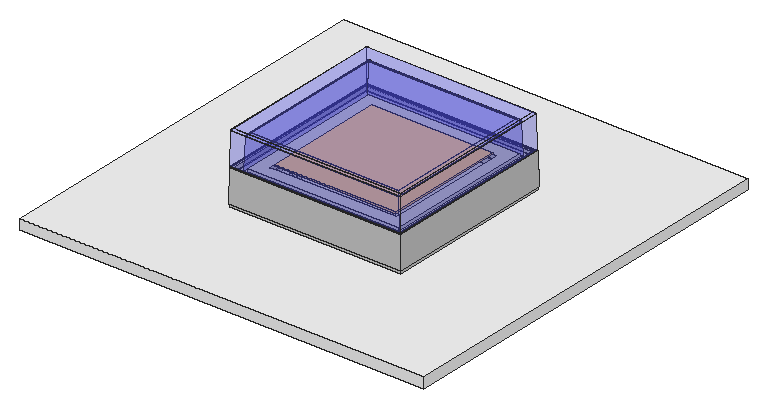
Revit family "BE_33601_de_DE", category Leuchten, Revit 2020
Family settings
  Basisbauteil = Fläche
  Bemaßung runder Anschluss = Durchmesser verwenden
  Teiletyp = Normal
  Beim Laden mit Abzugskörper schneiden = Ja
  Lichtquelle = Ja
  Gemeinsam genutzt = Nein
  Raumberechnungspunkt = Ja
Parameters (values of type "BEGA_33601_Silber_K4")
  built-in parameter 1150104 = 12.089 (stored number, unit not read)
  Wattage = 8.3 W
  Default Elevation = 0 mm
  built-in parameter 1150113 = 1 (stored number, unit not read)
  built-in parameter 1114218 = 1 (stored number, unit not read)
  Umgebungstemperatur = "25 °C"
  URL = "https://www.bega.com/de/produkt/33601"
  Typenkommentare = "© 2022 BEGA. Wir behalten uns das Recht vor, technische Änderungen ohne vorherige Ankündigung vorzunehmen."  # constant formula
  Type Image = 33601.png
  built-in parameter 1150134 = 12
  built-in parameter 1150109 = 1 (stored number, unit not read)
  Strom = ""
  built-in parameter 1150110 = 1 (stored number, unit not read)
  Spannung = 239.996 V
  Sonderanfertigung = no
  Seriennummer [instance] = "Hier können Sie die eindeutige Seriennummer für das Facility Management eintragen."
  Schutzklasse = "I"
  Schutzart = "IP 65"
  Scheinlast = 0 VA
  Produktdatenblatt = "https://cdn.bega.com/bega/products/33601K4/current/documents/data-sheets/de"
  Neigungswinkel = 0.00°
  Modell = "33601AK4"
  Material_19 = BEGA_Dummy_matt
  Material_15 = BEGA_Leuchtmedium_matt
  Material_11 = BEGA_Glas_opal
  Material_02 = BEGA_Oberfläche_Silber_matt
  Material_01 [instance] = BEGA_Oberfläche_Grafit_matt
  M_G = no
  M_A = yes
  Logo = 0
  built-in parameter 1114217 = 1 (stored number, unit not read)
  built-in parameter 1150139 = (empty or 0)
  built-in parameter 1150105 = 85.943 (stored number, unit not read)
  built-in parameter 1150114 = 1 (stored number, unit not read)
  Lumens = 1080 lm
  built-in parameter 1150115 = 1 (stored number, unit not read)
  Leuchtenlichtstrom = "656 lm"
  Leuchtenanzahl = ""
  Lebensdauerkriterien = "L70B50 @ 25 °C = 200000 h"
  Lastklassifizierung = Beleuchtung
  built-in parameter 1150112 = 1 (stored number, unit not read)
  Lampenlichtstrom = "1195 lm"
  Lampe = "LED 5.6 W"
  LED_Modulbezeichnung = "LED-0357/840"
  built-in parameter 1150142 = (empty or 0)
  Hersteller = "BEGA"  # constant formula
  Halbstreuwinkel = ""
  Gewicht = "1.85 kg"
  Frequenz = "0/50-60 Hz"
  Farbwiedergabeindex = "CRI > 80"
  Farbtemperaturverschiebung bei Dämpfen der Lampe = <Keine Auswahl>
  Farbtemperatur = "4000 K"
  Color Filter = 16777215
  built-in parameter 1150133 = 10 (stored number, unit not read)
  Energieeffizienzklasse = "LED A++ - A"
  built-in parameter 1150137 = (empty or 0)
  built-in parameter 1150132 = (empty or 0)
  Datei für fotometrisches Netz = "BE_33601K4.IES"
  CE_Konformität = "ja"
  Bestellnummer = "33601AK4"
  Beschreibung_Sonderanfertigung = "Hier können Sie Informationen zur Sonderanfertigung eintragen."
  Beschreibung = "Wandleuchte"
  built-in parameter 1150106 = 0.85943 (stored number, unit not read)
  Befestigungsbohrung = "Ø 6 mm"
  Befestigungsabstand = "140 mm"
  BEGA_Intern_aus = yes
  BEGA_Intern_an = yes
  BEGA_Intern_Konstruktion = yes
  BEGA_Intern = yes
  BEGA_IES = yes
  BEGA_Dummy = no
  Anschlussleistung [instance] = "6.7 W"
  Anschlusskasten = ""
  built-in parameter 1150107 = 4000 (stored number, unit not read)
  built-in parameter 1150102 = (empty or 0)
  built-in parameter 1150138 = (empty or 0)
  Aktualisierung = "2022-05-18T04:00:07"
  AC/DC = "AC/DC"
Types (4, lengths in mm): name | built-in parameter 1150104 | built-in parameter 1150134 | Modell | M_G | M_A | built-in parameter 1150105 | Lumens | Leuchtenlichtstrom | Lampenlichtstrom | LED_Modulbezeichnung | Farbtemperatur | Datei für fotometrisches Netz | Bestellnummer | built-in parameter 1150106 | built-in parameter 1150107
  BEGA_33601_Silber_K4 | 12.089 (stored number, unit not read) | 12 | "33601AK4" | no | yes | 85.943 (stored number, unit not read) | 1080 lm | "656 lm" | "1195 lm" | "LED-0357/840" | "4000 K" | "BE_33601K4.IES" | "33601AK4" | 0.85943 (stored number, unit not read) | 4000 (stored number, unit not read)
  BEGA_33601_Grafit_K3 | 11.417 (stored number, unit not read) | (empty or 0) | "33601K3" | yes | no | 81.168 (stored number, unit not read) | 1019.99 lm | "639 lm" | "1165 lm" | "LED-0357/830" | "3000 K" | "BE_33601K3.IES" | "33601K3" | 0.81168 (stored number, unit not read) | 3000 (stored number, unit not read)
  BEGA_33601_Silber_K3 | 11.417 (stored number, unit not read) | (empty or 0) | "33601AK3" | no | yes | 81.168 (stored number, unit not read) | 1019.99 lm | "639 lm" | "1165 lm" | "LED-0357/830" | "3000 K" | "BE_33601K3.IES" | "33601AK3" | 0.81168 (stored number, unit not read) | 3000 (stored number, unit not read)
  BEGA_33601_Grafit_K4 | 12.089 (stored number, unit not read) | 12 | "33601K4" | yes | no | 85.943 (stored number, unit not read) | 1080 lm | "656 lm" | "1195 lm" | "LED-0357/840" | "4000 K" | "BE_33601K4.IES" | "33601K4" | 0.85943 (stored number, unit not read) | 4000 (stored number, unit not read)
Reference planes
  plane 1 "Mitte (Vorne/Hinten)": y = 0
  plane 2: z = 0
  plane 3 "Mitte (Links/Rechts)": x = 0
  plane 4 "Links": x = -85
  plane 5 "Rechts": x = 85
  plane 6 "Unten": y = -85
  plane 7 "Oben": y = 84.951
  plane 8 "Vorne": z = 69.341
Forms (mm)
  Extrusion 1, solid, material "BEGA_Platte_Weiss"
    sketch origin (0, -1119.2, 0) x (1, 0, 0) y (0, 1, 0)
      loop
        line (-200, 1319.2) -> (-200, 919.2) -> (200, 919.2) -> (200, 1319.2) -> (-200, 1319.2)
    from 0 to -10
  Extrusion 2, solid, material "BEGA_Dummy_matt", visible <- "BEGA_Dummy"
    sketch origin (80.095, -76.023, 0) x (1, 0, 0) y (0, 1, 0)
      loop
        line (-165.095, 160.974) -> (-165.095, -8.977) -> (4.905, -8.977) -> (4.905, 160.974) -> (-165.095, 160.974)
    from 0 to 69.341
Dimensions and locks
  aligned and locked: Extrusion 1 to plane 2
  aligned and locked: level to Extrusion 1
Nested families
  nested 1: "BE_33601_Wandleuchte" at (0, 0, 0), type "BE_33601_Wandleuchte"
    with Neigungswinkel_um_Y2 0.00°, Neigungswinkel_um_Y1 0.00°, Neigungswinkel_um_X2 0.00°, Neigungswinkel_um_X1 0.00°, Drehwinkel_um_Z2 0.00°, Drehwinkel_um_Z1 0.00°, BEGA_Neigng_Y2 0.00°, BEGA_Neigng_Y1 0.00°, BEGA_Neigng_X2 0.00°, BEGA_Neigng_X1 0.00°, BEGA_Infotext_Winkel no
Connectors
  electrical at (0, 0, 0), driven by "Lastklassifizierung", driven by "Spannung", driven by "Scheinlast"
    settings: index 1, voltage 239.996 V, apparent load 0 VA, apparent load phase1 0 VA, apparent load phase2 0 VA, apparent load phase3 0 VA, power factor 1, load classification "Beleuchtung", number of poles 1, system type 31, power factor state 1, is connector primary yes, connector utility no, sub classification motor no, connector description ""
Definition of nested family "BE_33601_Wandleuchte"
  Parameters (values of type "BE_33601_Wandleuchte")
    Default Elevation = 1 mm
    URL = "http://www.bega.de/de/produkt"
    Type Comments = "© 2015 BEGA. Wir behalten uns das Recht vor, technische Änderungen ohne vorherige Ankündigung vorzunehmen. "  # constant formula
    Type Image = element 75113
    Neigungswinkel_um_Y2 [instance] = 0.00°
    Neigungswinkel_um_Y1 [instance] = 0.00°
    Neigungswinkel_um_X2 [instance] = 0.00°
    Neigungswinkel_um_X1 [instance] = 0.00°
    Material_19 = none
    Material_15 = none
    Material_11 = none
    Material_02 = none
    Material_01 = none
    M_G = yes
    M_A = yes
    Länge_Platte = 200 mm  # constant formula
    Höhe_Platte = -10 mm  # constant formula
    Manufacturer = "BEGA"  # constant formula
    Drehwinkel_um_Z2 [instance] = 0.00°
    Drehwinkel_um_Z1 [instance] = 0.00°
    Breite_Platte = 200 mm  # constant formula
    BEGA_Neigng_Y2 [instance] = if(Neigungswinkel_um_Y2 < -30.00°, -30.00°, if(Neigungswinkel_um_Y2 > 30.00°, 30.00°, Neigungswinkel_um_Y2))  # 0.00°
    BEGA_Neigng_Y1 [instance] = if(Neigungswinkel_um_X2 < -30.00°, -30.00°, if(Neigungswinkel_um_X2 > 30.00°, 30.00°, Neigungswinkel_um_X2))  # 0.00°
    BEGA_Neigng_X2 [instance] = if(Neigungswinkel_um_Y1 < -30.00°, -30.00°, if(Neigungswinkel_um_Y1 > 30.00°, 30.00°, Neigungswinkel_um_Y1))  # 0.00°
    BEGA_Neigng_X1 [instance] = if(Neigungswinkel_um_X1 < -30.00°, -30.00°, if(Neigungswinkel_um_X1 > 30.00°, 30.00°, Neigungswinkel_um_X1))  # 0.00°
    BEGA_Infotext_Winkel [instance] = if(or(Neigungswinkel_um_X1 < -30.00°, Neigungswinkel_um_X1 > 30.00°, Neigungswinkel_um_X2 < -30.00°, Neigungswinkel_um_X2 > 30.00°, Neigungswinkel_um_Y1 < -30.00°, Neigungswinkel_um_Y1 > 30.00°, Neigungswinkel_um_Y2 < -30.00°, Neigungswinkel_um_Y2 > 30.00°), 1 < 2, 1 > 2)  # no
    Aktualisierung = "Stand: 25.03.2015"  # constant formula
  Reference planes
    plane 1 "Mitte (Oben/Unten)": y = 0
    plane 2: z = 0
    plane 3 "Mitte (Links/Rechts)": x = 0
    plane 4 "Vorne": z = 69.341
    plane 5 "Hinten": z = 0
    plane 6 "Links": x = -85
    plane 7 "Rechts": x = 85
    plane 8 "Unten": y = -84.951
    plane 9: y = 84.951
  Forms (mm)
    Extrusion 1, solid, detail levels medium
      sketch origin (0, 0, 0) x (1, 0, 0) y (0, 1, 0)
        loop
          line (-100, 100) -> (-100, -100) -> (100, -100) -> (100, 100) -> (-100, 100)
      from 0 to -10 <- "Höhe_Platte"
    Sweep 2, solid, material <- "Material_01", visible <- "M_G", detail levels medium+fine
      path origin (0, 0, 0) x (1, 0, 0) y (0, 1, 0)
        loop
          line (85, 84.994) -> (-85, 84.994) -> (-85, -84.951) -> (85, -84.951) -> (85, 84.994)
      profile origin (0, 84.994, 0) x (0, -1, 0) y (0, 0, 1)
        loop
          line (8.291, 11) -> (7.994, 19.505) -> (4.494, 19.498) -> (3.918, 3) -> (0.599, 3) -> (0.494, 0) -> (8.395, 0) -> (8.395, 8) -> (10.191, 8) -> (10.191, 11) -> (8.291, 11)
    Extrusion 3, solid, material <- "Material_01", visible <- "M_G", detail levels medium+fine
      sketch origin (0, 0, 0) x (0, 1, 0) y (0, 0, 1)
        loop
          line (74.803, 11) -> (-74.76, 11) -> (-74.76, 8) -> (74.803, 8) -> (74.803, 11)
      from -74.728 to 74.81
    Sweep 4, solid, material <- "Material_01", visible <- "M_G", detail levels medium+fine
      path origin (0, 0, 0) x (1, 0, 0) y (0, 1, 0)
        loop
          line (85, 84.994) -> (-85, 84.994) -> (-85, -84.951) -> (85, -84.951) -> (85, 84.994)
      profile origin (0, 84.994, 0) x (0, -1, 0) y (0, 0, 1)
        loop
          line (0, 3.2) -> (2, 3.2) -> (2.838, 27.2) -> (5.538, 27.2) -> (5.538, 23.2) -> (11.991, 23.2) -> (12.13, 27.2) -> (21.335, 27.2)
          arc (21.335, 27.2) -> (22.03, 27.48) -> (22.335, 28.164) r 1
          line (22.335, 28.164) -> (22.5, 32.9) -> (10.491, 32.9) -> (10.053, 30.415) -> (2.55, 30.383) -> (2.4, 34.7) -> (0.55, 34.7) -> (0, 3.2)
    Extrusion 5, solid, material <- "Material_15", detail levels medium+fine
      sketch origin (0, 0, 0) x (0, 1, 0) y (0, 0, 1)
        loop
          line (-60, 35.65) -> (-60, 34.1) -> (60, 34.1) -> (60, 35.65) -> (-60, 35.65)
      from -60 to 60
    Sweep 6, solid, material <- "Material_11", detail levels medium+fine
      path origin (0, 0, 0) x (1, 0, 0) y (0, 1, 0)
        loop
          line (-85, 84.994) -> (-85, -84.951) -> (85, -84.951) -> (85, 84.994) -> (-85, 84.994)
      profile origin (0, 84.994, 0) x (0, 1, 0) y (0, 0, 1)
        loop
          line (-0.553, 35.309) -> (-1.121, 67.874)
          arc (-1.121, 67.874) -> (-1.561, 68.903) -> (-2.591, 69.341) r 1.5
          line (-2.591, 69.341) -> (-25.263, 69.341) -> (-25.263, 64.387) -> (-12.056, 64.387)
          arc (-12.056, 64.387) -> (-10.011, 63.52) -> (-9.122, 61.484) r 3
          line (-9.122, 61.484) -> (-8.044, 30.6) -> (-2.944, 30.6) -> (-2.797, 34.8) -> (-1.053, 34.8)
          arc (-1.053, 34.8) -> (-0.696, 34.95) -> (-0.553, 35.309) r 0.5
    Extrusion 7, solid, material <- "Material_11", detail levels medium+fine
      sketch origin (0, 0, 0) x (0, 1, 0) y (0, 0, 1)
        loop
          line (59.731, 69.341) -> (-59.688, 69.341) -> (-59.688, 64.387) -> (59.731, 64.387) -> (59.731, 69.341)
      from -59.737 to 59.737
    Extrusion 8, void
      sketch origin (0, 0, 0) x (1, 0, 0) y (0, 1, 0)
        loop
          circle (-62.5, -36.5) r 8.5
        loop
          circle (-62.5, -61.5) r 8.5
      from 0 to 19.707
    Extrusion 9, void
      sketch origin (0, 0, 0) x (1, 0, 0) y (0, 1, 0)
        loop
          circle (-68, 0) r 3
        loop
          circle (68, 0) r 3
      from 0 to 23.2
    Sweep 10, solid, material <- "Material_02", visible <- "M_A", detail levels medium+fine
      path origin (0, 0, 0) x (1, 0, 0) y (0, 1, 0)
        loop
          line (85, 84.994) -> (-85, 84.994) -> (-85, -84.951) -> (85, -84.951) -> (85, 84.994)
      profile origin (0, 84.994, 0) x (0, -1, 0) y (0, 0, 1)
        loop
          line (0, 3.2) -> (2, 3.2) -> (2.838, 27.2) -> (5.538, 27.2) -> (5.538, 23.2) -> (11.991, 23.2) -> (12.13, 27.2) -> (21.335, 27.2)
          arc (21.335, 27.2) -> (22.03, 27.48) -> (22.335, 28.164) r 1
          line (22.335, 28.164) -> (22.5, 32.9) -> (10.491, 32.9) -> (10.053, 30.415) -> (2.55, 30.383) -> (2.4, 34.7) -> (0.55, 34.7) -> (0, 3.2)
    Sweep 11, solid, material <- "Material_02", visible <- "M_A", detail levels medium+fine
      path origin (0, 0, 0) x (1, 0, 0) y (0, 1, 0)
        loop
          line (85, 84.994) -> (-85, 84.994) -> (-85, -84.951) -> (85, -84.951) -> (85, 84.994)
      profile origin (0, 84.994, 0) x (0, -1, 0) y (0, 0, 1)
        loop
          line (8.291, 11) -> (7.994, 19.505) -> (4.494, 19.498) -> (3.918, 3) -> (0.599, 3) -> (0.494, 0) -> (8.395, 0) -> (8.395, 8) -> (10.191, 8) -> (10.191, 11) -> (8.291, 11)
    Extrusion 12, solid, material <- "Material_02", visible <- "M_A", detail levels medium+fine
      sketch origin (0, 0, 0) x (0, 1, 0) y (0, 0, 1)
        loop
          line (74.803, 11) -> (-74.76, 11) -> (-74.76, 8) -> (74.803, 8) -> (74.803, 11)
      from -74.728 to 74.81
    Extrusion 13, void
      sketch origin (0, 0, 0) x (1, 0, 0) y (0, 1, 0)
        loop
          circle (-62.5, -36.5) r 8.5
        loop
          circle (-62.5, -61.5) r 8.5
      from 0 to 19.707
    Extrusion 14, void
      sketch origin (0, 0, 0) x (1, 0, 0) y (0, 1, 0)
        loop
          circle (-68, 0) r 3
        loop
          circle (68, 0) r 3
      from 0 to 23.2
  Cuts and joins
    Extrusion 8, Extrusion 9, Extrusion 13, Extrusion 14 cuts Sweep 2
    Extrusion 8, Extrusion 9, Extrusion 13, Extrusion 14 cuts Extrusion 3
    joined: Sweep 2, Extrusion 3
    Extrusion 8, Extrusion 9 cuts Sweep 6
    Extrusion 8, Extrusion 9 cuts Extrusion 7
    joined: Sweep 6, Extrusion 7
    Extrusion 8, Extrusion 9 cuts Sweep 4
    Extrusion 8 cuts Extrusion 5
    Extrusion 13, Extrusion 14 cuts Extrusion 12
    joined: Sweep 11, Extrusion 12
  Dimensions and locks
    equal spacing: Extrusion 1 sketch curve, plane 3 "Mitte (Links/Rechts)", Extrusion 1 sketch curve
    equal spacing: Extrusion 1 sketch curve, plane 1 "Mitte (Oben/Unten)", Extrusion 1 sketch curve
    "Länge_Platte": Extrusion 1 sketch curve to Extrusion 1 sketch curve
    "Breite_Platte": Extrusion 1 sketch curve to Extrusion 1 sketch curve
    plane 1 "Mitte (Oben/Unten)" to Extrusion 1 = 100 mm  (x3)
    aligned and locked: Extrusion 1 to plane 2
    aligned and locked: Extrusion 1 to level
  Automatic sketch dimensions
    Sweep 2 sketch curve to plane 3 "Mitte (Links/Rechts)" = 85 mm
    Sweep 2 sketch curve to plane 1 "Mitte (Oben/Unten)" = 84.994 mm
    plane 3 "Mitte (Links/Rechts)" to Sweep 2 sketch curve = 85 mm
    plane 1 "Mitte (Oben/Unten)" to Sweep 2 sketch curve = 84.951 mm
    Sweep 2 sketch curve to level = 0 mm
    Sweep 2 sketch curve to profile plane = 0.494 mm
    Sweep 2 sketch curve to profile plane = 0.599 mm
    Sweep 2 sketch curve to Sweep 2 sketch curve = 3.319 mm
    Sweep 2 sketch curve to profile plane = 4.494 mm
    Sweep 2 sketch curve to Sweep 2 sketch curve = 3.5 mm
    Sweep 2 sketch curve to profile plane = 8.291 mm
    Sweep 2 sketch curve to Sweep 2 sketch curve = 0.105 mm
    level to Sweep 2 sketch curve = 3 mm
    Sweep 2 sketch curve to Sweep 2 sketch curve = 5 mm
    Sweep 2 sketch curve to Sweep 2 sketch curve = 3 mm
    Sweep 2 sketch curve to Sweep 2 sketch curve = 8.498 mm
    Sweep 2 sketch curve to Sweep 2 sketch curve = 0.006 mm
    Sweep 2 sketch curve to Sweep 2 sketch curve = 1.9 mm
    plane 1 "Mitte (Oben/Unten)" to Extrusion 3 sketch curve = 74.76 mm
    level to Extrusion 3 sketch curve = 8 mm
    Extrusion 3 sketch curve to plane 1 "Mitte (Oben/Unten)" = 74.803 mm
    Extrusion 3 sketch curve to Extrusion 3 sketch curve = 3 mm
    Sweep 4 sketch curve to plane 3 "Mitte (Links/Rechts)" = 85 mm
    Sweep 4 sketch curve to plane 1 "Mitte (Oben/Unten)" = 84.994 mm
    plane 3 "Mitte (Links/Rechts)" to Sweep 4 sketch curve = 85 mm
    plane 1 "Mitte (Oben/Unten)" to Sweep 4 sketch curve = 84.951 mm
    Sweep 4 sketch curve to profile plane = 0 mm
    Sweep 4 sketch curve to profile plane = 0.55 mm
    Sweep 4 sketch curve to profile plane = 2 mm
    Sweep 4 sketch curve to Sweep 4 sketch curve = 1.85 mm
    Sweep 4 sketch curve to profile plane = 2.55 mm
    Sweep 4 sketch curve to Sweep 4 sketch curve = 7.502 mm
    Sweep 4 sketch curve to Sweep 4 sketch curve = 0.438 mm
    Sweep 4 sketch curve to Sweep 4 sketch curve = 0.999 mm
    Sweep 4 sketch curve to Sweep 4 sketch curve = 0.165 mm
    level to Sweep 4 sketch curve = 3.2 mm
    Sweep 4 sketch curve to Sweep 4 sketch curve = 0.964 mm
    Sweep 4 sketch curve to Sweep 4 sketch curve = 3.183 mm
    Sweep 4 sketch curve to Sweep 4 sketch curve = 0.033 mm
    Sweep 4 sketch curve to Sweep 4 sketch curve = 2.485 mm
    Sweep 4 sketch curve to Sweep 4 sketch curve = 4.317 mm
    Sweep 4 sketch curve to profile plane = 2.838 mm
    Sweep 4 sketch curve to Sweep 4 sketch curve = 2.7 mm
    Sweep 4 sketch curve to Sweep 4 sketch curve = 6.453 mm
    Sweep 4 sketch curve to Sweep 4 sketch curve = 0.14 mm
    Sweep 4 sketch curve to Sweep 4 sketch curve = 9.205 mm
    Sweep 4 sketch curve to Sweep 4 sketch curve = 20 mm
    Sweep 4 sketch curve to Sweep 4 sketch curve = 4 mm  (x2)
    Extrusion 5 sketch curve to plane 1 "Mitte (Oben/Unten)" = 60 mm
    level to Extrusion 5 sketch curve = 35.65 mm
    plane 1 "Mitte (Oben/Unten)" to Extrusion 5 sketch curve = 60 mm
    Extrusion 5 sketch curve to Extrusion 5 sketch curve = 1.55 mm
    Sweep 6 sketch curve to plane 3 "Mitte (Links/Rechts)" = 85 mm
    Sweep 6 sketch curve to plane 1 "Mitte (Oben/Unten)" = 84.994 mm
    plane 1 "Mitte (Oben/Unten)" to Sweep 6 sketch curve = 84.951 mm
    plane 3 "Mitte (Links/Rechts)" to Sweep 6 sketch curve = 85 mm
    profile plane to Sweep 6 sketch curve = 12.121 mm
    Sweep 6 sketch curve to Sweep 6 sketch curve = 0.065 mm
    Sweep 6 sketch curve to Sweep 6 sketch curve = 2.998 mm
    profile plane to Sweep 6 sketch curve = 2.621 mm
    Sweep 6 sketch curve to Sweep 6 sketch curve = 0.03 mm
    profile plane to Sweep 6 sketch curve = 1.121 mm
    profile plane to Sweep 6 sketch curve = 1.053 mm
    level to Sweep 6 sketch curve = 34.8 mm
    Sweep 6 sketch curve to Sweep 6 sketch curve = 0.5 mm  (x2)
    Sweep 6 sketch curve to Sweep 6 sketch curve = 26.088 mm
    Sweep 6 sketch curve to Sweep 6 sketch curve = 0.096 mm
    Sweep 6 sketch curve to Sweep 6 sketch curve = 0.033 mm
    Sweep 6 sketch curve to Sweep 6 sketch curve = 13.206 mm
    Sweep 6 sketch curve to Sweep 6 sketch curve = 6.991 mm
    profile plane to Sweep 6 sketch curve = 2.944 mm
    Sweep 6 sketch curve to Sweep 6 sketch curve = 1.745 mm
    Sweep 6 sketch curve to Sweep 6 sketch curve = 0 mm  (x2)
    Sweep 6 sketch curve to Sweep 6 sketch curve = 4.2 mm
    Sweep 6 sketch curve to Sweep 6 sketch curve = 4.954 mm
    plane 1 "Mitte (Oben/Unten)" to Extrusion 7 sketch curve = 59.688 mm
    level to Extrusion 7 sketch curve = 64.387 mm
    Extrusion 7 sketch curve to plane 1 "Mitte (Oben/Unten)" = 59.731 mm
    Extrusion 7 sketch curve to Extrusion 7 sketch curve = 4.954 mm
    Extrusion 8 sketch curve to plane 3 "Mitte (Links/Rechts)" = 62.5 mm
    Extrusion 8 sketch curve to Extrusion 8 sketch curve = 0 mm
    plane 1 "Mitte (Oben/Unten)" to Extrusion 8 sketch curve = 61.5 mm
    Extrusion 8 sketch curve to Extrusion 8 sketch curve = 25 mm
    Sweep 10 sketch curve to plane 6 "Links" = 0 mm
    Sweep 10 sketch curve to plane 7 "Rechts" = 0 mm
    Sweep 10 sketch curve to plane 8 "Unten" = 0 mm
    Sweep 10 sketch curve to plane 9 = 0.043 mm
    Sweep 10 sketch curve to profile plane = 0 mm
    Sweep 10 sketch curve to profile plane = 0.55 mm
    Sweep 10 sketch curve to profile plane = 2 mm
    Sweep 10 sketch curve to Sweep 10 sketch curve = 1.85 mm
    Sweep 10 sketch curve to profile plane = 2.55 mm
    Sweep 10 sketch curve to profile plane = 2.838 mm
    Sweep 10 sketch curve to Sweep 10 sketch curve = 2.7 mm
    Sweep 10 sketch curve to Sweep 10 sketch curve = 4.514 mm
    Sweep 10 sketch curve to Sweep 10 sketch curve = 0.438 mm
    Sweep 10 sketch curve to Sweep 10 sketch curve = 6.453 mm
    Sweep 10 sketch curve to Sweep 10 sketch curve = 2.078 mm
    Sweep 10 sketch curve to Sweep 10 sketch curve = 9.205 mm
    Sweep 10 sketch curve to Sweep 10 sketch curve = 0.999 mm
    Sweep 10 sketch curve to Sweep 10 sketch curve = 0.165 mm
    level to Sweep 10 sketch curve = 3.2 mm
    Sweep 10 sketch curve to Sweep 10 sketch curve = 20 mm
    Sweep 10 sketch curve to Sweep 10 sketch curve = 4 mm  (x2)
    Sweep 10 sketch curve to Sweep 10 sketch curve = 0.964 mm
    Sweep 10 sketch curve to Sweep 10 sketch curve = 3.183 mm
    Sweep 10 sketch curve to Sweep 10 sketch curve = 3.215 mm
    Sweep 10 sketch curve to Sweep 10 sketch curve = 2.485 mm
    Sweep 10 sketch curve to Sweep 10 sketch curve = 4.317 mm
    Sweep 11 sketch curve to plane 6 "Links" = 0 mm
    Sweep 11 sketch curve to plane 7 "Rechts" = 0 mm
    Sweep 11 sketch curve to plane 8 "Unten" = 0 mm
    Sweep 11 sketch curve to plane 9 = 0.043 mm
    Sweep 11 sketch curve to level = 0 mm
    Sweep 11 sketch curve to profile plane = 0.494 mm
    Sweep 11 sketch curve to profile plane = 0.599 mm
    Sweep 11 sketch curve to Sweep 11 sketch curve = 3.319 mm
    Sweep 11 sketch curve to profile plane = 4.494 mm
    Sweep 11 sketch curve to Sweep 11 sketch curve = 3.5 mm
    Sweep 11 sketch curve to profile plane = 8.291 mm
    Sweep 11 sketch curve to Sweep 11 sketch curve = 0.105 mm
    Sweep 11 sketch curve to Sweep 11 sketch curve = 1.9 mm
    level to Sweep 11 sketch curve = 3 mm
    Sweep 11 sketch curve to Sweep 11 sketch curve = 5 mm
    Sweep 11 sketch curve to Sweep 11 sketch curve = 3 mm
    Sweep 11 sketch curve to Sweep 11 sketch curve = 8.498 mm
    Sweep 11 sketch curve to Sweep 11 sketch curve = 0.006 mm
    plane 8 "Unten" to Extrusion 12 sketch curve = 10.191 mm
    plane 9 to Extrusion 12 sketch curve = 10.148 mm
    level to Extrusion 12 sketch curve = 8 mm
    Extrusion 12 sketch curve to Extrusion 12 sketch curve = 3 mm
    plane 6 "Links" to Extrusion 13 sketch curve = 22.5 mm  (x2)
    plane 8 "Unten" to Extrusion 13 sketch curve = 23.451 mm
    Extrusion 13 sketch curve to Extrusion 13 sketch curve = 25 mm
    plane 1 "Mitte (Oben/Unten)" to Extrusion 14 sketch curve = 0 mm  (x2)
    plane 6 "Links" to Extrusion 14 sketch curve = 17 mm
    Extrusion 14 sketch curve to plane 7 "Rechts" = 17 mm
    radius of Extrusion 8 sketch curve = 8.5 mm  (x2)
    radius of Extrusion 13 sketch curve = 8.5 mm  (x2)
    radius of Extrusion 14 sketch curve = 3 mm  (x2)
